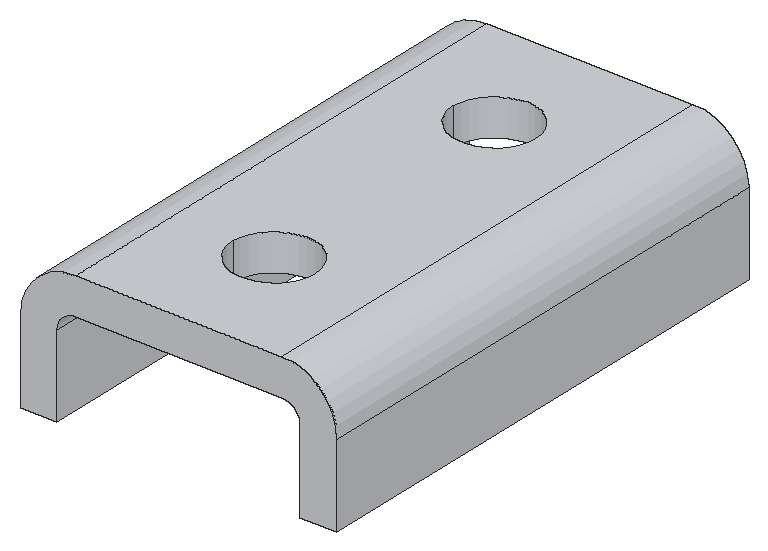
Revit family "Fitting-U_Shape-Unistrut-P4376", category Specialty Equipment, Revit 2012
Parameters
  ecoScorecard_data = "http://products.ecoscorecard.com/atkore/P4376"
  ecoScorecard Product Page = "http://products.ecoscorecard.com/atkore/P4376?action=html"
  Weight Per Piece = 0.85 lbf
  Weight Per Foot = 0.00 lbf/ft
  Unistrut Part Number = "PS 644"  # constant formula
  URL = "http://unistrut.us/index.php"
  Thread Size = 0"
  Thickness = 1/4"
  Subcategory = "U Shape Fittings"
  Product Page URL = "http://unistrut.us/index.php?WP=cat_detail&S=S05&P=P4376"
  Power Strut Part Number = "P4376"  # constant formula
  Part Number = "Fitting"  # constant formula
  Overall Width = 2 5/32"
  Overall Length = 15/16"
  Overall Height = 3 1/2"
  Model = "P4376"
  Material = ""
  Manufacturer Phone - Toll Free = "800-882-5543"  # constant formula
  Manufacturer Phone = "708-339-1610"  # constant formula
  Manufacturer Fax = "708-339-7814"  # constant formula
  Manufacturer Email = "mailto:jshaw@atkore.com"
  Manufacturer Address = "16100 South Lathrop Avenue, Harvey, IL 60426"  # constant formula
  Manufacturer = "Unistrut by Atkore International"  # constant formula
  Load Capacity Note = "Visit the product page for load application and capacity."  # constant formula
  Literature URL = "http://unistrut.us/index.php?WP=LItLibrary"
  Length = 0"
  Hole Diameter on Plate = 0"
  Hole Diameter = 9/16"
  Gauge Thickness = ""
  Diameter = 0"
  Default Elevation = 48"
  Cost Info = "mailto:jshaw@atkore.com"
  Construction Note = ""
  Category = "Specialty Equipment"  # constant formula
  CAD URL = "http://unistrut.us/index.php?WP=CAD3d"
  Bolt Size = 0"
  Assembly Code = "D5020100"
  Angle = 0.00°
  Allowable Moment = 0 N·m
  95 CSI = "16070"  # constant formula
  04 CSI = "26 05 48"  # constant formula
Reference planes (in)
  plane 1 "Center (Front/Back)": y = 0
  plane 2: z = 0
  plane 3 "Center (Left/Right)": x = 0
  plane 4: x = 1.07813
  plane 5: x = -1.07813
  plane 6: y = 1.75
  plane 7: y = -1.75
  plane 8: z = 0.24992
  plane 9: z = -0.68758
  plane 10: y = 0.9375
  plane 11: y = -0.9375
Dimensions and locks (in)
  equal spacing: plane 5, plane 3 "Center (Left/Right)", plane 4
  "Overall Width": plane 5 to plane 4
  equal spacing: plane 7, plane 1 "Center (Front/Back)", plane 6
  "Overall Height": plane 7 to plane 6
  "Overall Length": plane 8 to plane 9
  aligned and locked: level to plane 2
  aligned and locked: plane 3 "Center (Left/Right)" to nested 1
  aligned and locked: plane 1 "Center (Front/Back)" to nested 1
  aligned and locked: nested 1 to level
  aligned and locked: plane 8 to nested 1
Nested families (in)
  nested 1: "4376" at (0, 0, -0.68758), type "4376"
    with Overall Width 2 5/32"
Definition of nested family "4376"
  Parameters (values of type "4376")
    URL = ""
    Thickness = 1/4"
    Overall Width = 1 5/8"
    Overall Length = 15/16"
    Overall Height = 3 1/2"
    Model = "P4376"
    Manufacturer = ""
    Hole Diameter = 9/16"
    Default Elevation = 48"
    Assembly Code = ""
  Reference planes (in)
    plane 1 "Center (Front/Back)": y = 0
    plane 2: z = 0
    plane 3 "Center (Left/Right)": x = 0
    plane 4: z = 0.9375
    plane 5: y = -1.75
    plane 6: y = 1.75
    plane 7: x = -0.8125
    plane 8: x = 0.8125
  Forms (in)
    Extrusion 1, void
      sketch origin (0, -1.75, 0.9375) x (1, 0, 0) y (0, 1, 0)
        loop
          circle (0, 2.6875) r 0.28125
        loop
          circle (0, 0.8125) r 0.28125
      from -0.50306 to 0.1247
    Extrusion 2, solid
      sketch origin (0, 0, 0) x (1, 0, 0) y (0, 0, 1)
        loop
          line (-0.81258, 0.56261) -> (-0.81258, 0) -> (-0.56266, 0) -> (-0.56266, 0.56261)
          spline (-0.56266, 0.56261) -> (-0.56152, 0.57956) -> (-0.5582, 0.59583) -> (-0.55284, 0.61125) -> (-0.5456, 0.62568) -> (-0.53662, 0.63897) -> (-0.52606, 0.65097) -> (-0.51406, 0.66154) -> (-0.50077, 0.67052) -> (-0.48634, 0.67776) -> (-0.47092, 0.68312) -> (-0.45466, 0.68644) -> (-0.4377, 0.68758)
          line (-0.4377, 0.68758) -> (0.43706, 0.68758)
          spline (0.43706, 0.68758) -> (0.45401, 0.68644) -> (0.47027, 0.68312) -> (0.48569, 0.67776) -> (0.50012, 0.67052) -> (0.51341, 0.66154) -> (0.52541, 0.65097) -> (0.53598, 0.63897) -> (0.54495, 0.62568) -> (0.5522, 0.61125) -> (0.55755, 0.59583) -> (0.56088, 0.57956) -> (0.56202, 0.56261)
          line (0.56202, 0.56261) -> (0.56202, 0) -> (0.81194, 0) -> (0.81194, 0.56261)
          spline (0.81194, 0.56261) -> (0.80851, 0.61348) -> (0.79854, 0.66228) -> (0.78248, 0.70854) -> (0.76075, 0.75183) -> (0.73383, 0.7917) -> (0.70214, 0.82771) -> (0.66613, 0.85939) -> (0.62627, 0.88632) -> (0.58298, 0.90804) -> (0.53672, 0.92411) -> (0.48793, 0.93408) -> (0.43706, 0.9375)
          line (0.43706, 0.9375) -> (-0.4377, 0.9375)
          spline (-0.4377, 0.9375) -> (-0.48857, 0.93408) -> (-0.53736, 0.92411) -> (-0.58362, 0.90804) -> (-0.62691, 0.88632) -> (-0.66678, 0.85939) -> (-0.70278, 0.82771) -> (-0.73447, 0.7917) -> (-0.7614, 0.75183) -> (-0.78312, 0.70854) -> (-0.79919, 0.66228) -> (-0.80916, 0.61348) -> (-0.81258, 0.56261)
      from -1.75 to 1.75
  Cuts and joins
    Extrusion 1 cuts Extrusion 2
  Dimensions and locks (in)
    equal spacing: plane 5, plane 1 "Center (Front/Back)", plane 6
    equal spacing: plane 7, plane 3 "Center (Left/Right)", plane 8
    "Overall Width": plane 7 to plane 8
    "Overall Length": plane 4 to plane 2
    "Overall Height": plane 5 to plane 6
    aligned and locked: level to plane 2
    aligned and locked: plane 6 to Extrusion 2
    aligned and locked: plane 5 to Extrusion 2
  Automatic sketch dimensions
    Extrusion 2 sketch curve to level = 0"  (x2)
    plane 7 to Extrusion 2 sketch curve = 0.00008"
    Extrusion 2 sketch curve to plane 7 = 0.24984"
    Extrusion 2 sketch curve to plane 7 = 0.3748"  (x2)
    Extrusion 2 sketch curve to plane 8 = 0.37544"  (x2)
    Extrusion 2 sketch curve to plane 8 = 0.25048"
    Extrusion 2 sketch curve to plane 8 = 0.00056"
    Extrusion 2 sketch curve to plane 4 = 0.37489"  (x2)
    Extrusion 2 sketch curve to Extrusion 2 sketch curve = 0"  (x2)
    Extrusion 2 sketch curve to plane 4 = 0.24992"
    plane 4 to Extrusion 2 sketch curve = 0"
    Extrusion 1 sketch curve to plane 3 "Center (Left/Right)" = 0"  (x2)
    Extrusion 1 sketch curve to plane 5 = 13/16"
    Extrusion 1 sketch curve to plane 6 = 13/16"
    radius of Extrusion 1 sketch curve = 9/32"  (x2)
